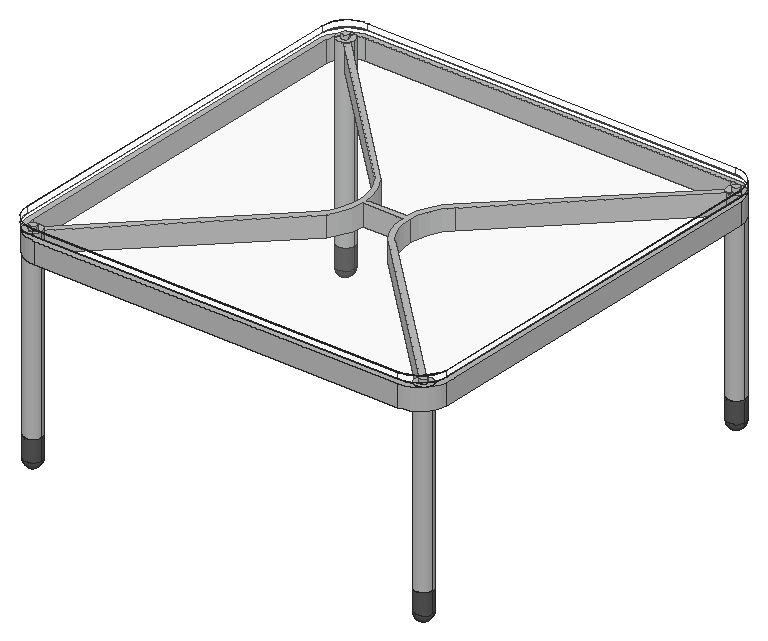
Revit family "805-30CL_Square", category Furniture, Revit 2024
Family settings
  OmniClass Number = 23.40.20.00
  OmniClass Title = General Furniture and Specialties
  Work Plane-Based = No
  Enable Cutting in Views = No
  Always vertical = Yes
  Cut with Voids When Loaded = No
  Render Appearance Source = Family Geometry
  Shared = No
  Room Calculation Point = No
Parameters
  Top Width = 2' - 6"
  Overall Height = 1' - 4"
  Metal Frame = yes
  Default Elevation = 0' - 0"
  Crossbar Height = 0' - 1.49994"
  Anklet = yes
Reference planes (in)
  plane 1 "Center Front/Back": y = 0
  plane 2: z = 0
  plane 3 "Center Left/Right": x = 0
Forms (in)
  Extrusion 1, solid, material "Powder Coat - Cement"
    sketch origin (-10, -180, 13.75) x (-1, 0, 0) y (0, -1, 0)
      loop
        line (-8.59013, -180.1875) -> (-11.41964, -180.1875)
        arc (-11.41964, -180.1875) -> (-11.6491, -181.39599) -> (-12.22026, -182.48542) r 4.18155
        line (-12.22026, -182.48542) -> (-23.98257, -194.24774)
        arc (-23.98257, -194.24774) -> (-23.52613, -194.52745) -> (-22.99977, -194.625) r 1.46875
        line (-22.99977, -194.625) -> (3.10052, -194.625)
        arc (3.10052, -194.625) -> (3.58831, -194.53508) -> (4.01198, -194.27714) r 1.368
        line (4.01198, -194.27714) -> (-7.81687, -182.41078)
        arc (-7.81687, -182.41078) -> (-8.36328, -181.35471) -> (-8.59013, -180.1875) r 4.17872
      loop
        arc (-8.59175, -179.8125) -> (-8.36811, -178.62323) -> (-7.81307, -177.54791) r 4.17872
        line (-7.81307, -177.54791) -> (4.02567, -165.70917)
        arc (4.02567, -165.70917) -> (3.61729, -165.46137) -> (3.14748, -165.375) r 1.32105
        line (3.14748, -165.375) -> (-23.11623, -165.375)
        arc (-23.11623, -165.375) -> (-23.59636, -165.46534) -> (-24.01083, -165.72401) r 1.32104
        line (-24.01083, -165.72401) -> (-12.22026, -177.51458)
        arc (-12.22026, -177.51458) -> (-11.6491, -178.60401) -> (-11.41964, -179.8125) r 4.18155
        line (-11.41964, -179.8125) -> (-8.59175, -179.8125)
      loop
        arc (-7.09627, -177.36144) -> (-7.90339, -178.58415) -> (-8.19238, -180.02045) r 3.83008
        arc (-8.19238, -180.02045) -> (-7.98027, -181.25333) -> (-7.38255, -182.35229) r 3.83388
        line (-7.38255, -182.35229) -> (4.25103, -193.98586)
        arc (4.25103, -193.98586) -> (4.52808, -193.55177) -> (4.625, -193.04601) r 1.368
        line (4.625, -193.04601) -> (4.625, -166.81636)
        arc (4.625, -166.81636) -> (4.54314, -166.35855) -> (4.30769, -165.95748) r 1.32105
        line (4.30769, -165.95748) -> (-7.09627, -177.36144)
      loop
        line (-24.61719, -166.81326) -> (-24.61719, -192.98176)
        arc (-24.61719, -192.98176) -> (-24.51605, -193.5145) -> (-24.22672, -193.97311) r 1.45372
        line (-24.22672, -193.97311) -> (-12.90373, -182.63857)
        arc (-12.90373, -182.63857) -> (-12.09662, -181.41585) -> (-11.80764, -179.97955) r 3.83007
        arc (-11.80764, -179.97955) -> (-12.01973, -178.7467) -> (-12.61741, -177.64776) r 3.83391
        line (-12.61741, -177.64776) -> (-24.3051, -165.96007)
        arc (-24.3051, -165.96007) -> (-24.53183, -166.36081) -> (-24.61719, -166.81326) r 1.4083
      loop
        line (3, -164.96406) -> (-23, -164.96406)
        arc (-23, -164.96406) -> (-24.35242, -165.48743) -> (-25.00022, -166.78485) r 2.00906
        line (-25.00022, -166.78485) -> (-25.00022, -193.14327)
        arc (-25.00022, -193.14327) -> (-24.35242, -194.44069) -> (-23, -194.96406) r 2.00906
        line (-23, -194.96406) -> (3, -194.96406)
        arc (3, -194.96406) -> (4.3507, -194.44226) -> (4.99978, -193.14791) r 2.00906
        line (4.99978, -193.14791) -> (4.99978, -166.78021)
        arc (4.99978, -166.78021) -> (4.3507, -165.48586) -> (3, -164.96406) r 2.00906
    from 0 to 1.49994 <- "Crossbar Height"
  Extrusion 2, solid, material "Glass"
    sketch origin (-0.00002, 0.0188, 15.49994) x (1, 0, 0) y (0, 1, 0)
      loop
        line (13.14726, 14.94526) -> (-13.14726, 14.94526)
        arc (-13.14726, 14.94526) -> (-14.43187, 14.42807) -> (-14.99976, 13.16505) r 1.85397
        line (-14.99976, 13.16505) -> (-14.99976, -13.20265)
        arc (-14.99976, -13.20265) -> (-14.4573, -14.51228) -> (-13.14767, -15.05474) r 1.85209
        line (-13.14767, -15.05474) -> (12.94712, -15.05474)
        arc (12.94712, -15.05474) -> (14.32857, -14.5244) -> (15.00024, -13.20587) r 2.0644
        line (15.00024, -13.20587) -> (15.00024, 13.152)
        arc (15.00024, 13.152) -> (14.43657, 14.42354) -> (13.14726, 14.94526) r 1.85397
    from 0 to 0.50006
  Sweep 3, void
    path in 3D
      loop
        arc (15.00022, 13.1708, 16) -> (14.43656, 14.44234, 16) -> (13.14724, 14.96406, 16) r 1.85397
        line (13.14724, 14.96406, 16) -> (-13.14728, 14.96406, 16)
        arc (-13.14728, 14.96406, 16) -> (-14.43189, 14.44687, 16) -> (-14.99978, 13.18385, 16) r 1.85397
        line (-14.99978, 13.18385, 16) -> (-14.99978, -13.18385, 16)
        arc (-14.99978, -13.18385, 16) -> (-14.45731, -14.49348, 16) -> (-13.14769, -15.03594, 16) r 1.85209
        line (-13.14769, -15.03594, 16) -> (12.9471, -15.03594, 16)
        arc (12.9471, -15.03594, 16) -> (14.32855, -14.5056, 16) -> (15.00022, -13.18707, 16) r 2.0644
        line (15.00022, -13.18707, 16) -> (15.00022, 13.1708, 16)
    profile origin (15.00022, -0.00813, 16) x (-1, 0, 0) y (0, 0, 1)
      loop
        line (0, 0) -> (0, -0.03142) -> (0.03142, 0) -> (0, 0)
      loop
        line (0, -0.50006) -> (0.03142, -0.50006) -> (0, -0.46864) -> (0, -0.50006)
  Extrusion 4, solid, material "Powder Coat - Cement", visible <- "Metal Frame"
    sketch origin (-7.4728, 20.63672, 0) x (1, 0, 0) y (0, 1, 0)
      loop
        circle (-6.5, -6.66452) r 0.62557
    from 2.125 to 15.24994
  Extrusion 5, solid, material "Powder Coat - Cement", visible <- "Metal Frame"
    sketch origin (-17.47227, 187.37795, 18.28119) x (-1, 0, 0) y (0, -1, 0)
      loop
        circle (-3.5, 173.40625) r 0.25
    from -3.03126 to -2.78228
  Extrusion 6, solid, material "Powder Coat - Cement", visible <- "Metal Frame"
    sketch origin (20.47175, 20.63672, 0) x (1, 0, 0) y (0, 1, 0)
      loop
        circle (-6.5, -6.66452) r 0.62557
    from 2.125 to 15.24994
  Extrusion 7, solid, material "Powder Coat - Cement", visible <- "Metal Frame"
    sketch origin (10.47227, 187.37795, 18.28119) x (-1, 0, 0) y (0, -1, 0)
      loop
        circle (-3.5, 173.40625) r 0.25
    from -3.03126 to -2.78228
  Extrusion 8, solid, material "Powder Coat - Cement", visible <- "Metal Frame"
    sketch origin (20.47175, -7.30783, 0) x (1, 0, 0) y (0, 1, 0)
      loop
        circle (-6.5, -6.66452) r 0.62557
    from 2.125 to 15.24994
  Extrusion 9, solid, material "Powder Coat - Cement", visible <- "Metal Frame"
    sketch origin (10.47227, 159.43341, 18.28119) x (-1, 0, 0) y (0, -1, 0)
      loop
        circle (-3.5, 173.40625) r 0.25
    from -3.03126 to -2.78228
  Extrusion 10, solid, material "Powder Coat - Cement", visible <- "Metal Frame"
    sketch origin (-7.4728, -7.30783, 0) x (1, 0, 0) y (0, 1, 0)
      loop
        circle (-6.5, -6.66452) r 0.62557
    from 2.125 to 15.24994
  Extrusion 11, solid, material "Powder Coat - Cement", visible <- "Metal Frame"
    sketch origin (-17.47227, 159.43341, 18.28119) x (-1, 0, 0) y (0, -1, 0)
      loop
        circle (-3.5, 173.40625) r 0.25
    from -3.03126 to -2.78228
  Revolve 12, solid, material "Plastic - Black", visible <- "Anklet"
    sketch origin (-14.10192, -13.97235, 48) x (-1, 0, 0) y (0, 0, 1)
      loop
        line (-0.12913, -47.99957) -> (-0.12913, -45.875) -> (-0.62912, -45.875) -> (-0.62912, -45.93757) -> (-0.7547, -45.93757) -> (-0.7547, -47.39729)
        arc (-0.7547, -47.39729) -> (-0.57001, -47.83148) -> (-0.12913, -47.99957) r 0.60271
      axis (-0.12913, -47.99957) -> (-0.12913, -45.875)
    angle from 0 to 360
  Revolve 13, solid, material "Plastic - Black", visible <- "Anklet"
    sketch origin (13.84262, -13.97235, 48) x (-1, 0, 0) y (0, 0, 1)
      loop
        line (-0.12913, -47.99957) -> (-0.12913, -45.875) -> (-0.62912, -45.875) -> (-0.62912, -45.93757) -> (-0.7547, -45.93757) -> (-0.7547, -47.39729)
        arc (-0.7547, -47.39729) -> (-0.57001, -47.83148) -> (-0.12913, -47.99957) r 0.60271
      axis (-0.12913, -47.99957) -> (-0.12913, -45.875)
    angle from 0 to 360
  Revolve 14, solid, material "Plastic - Black", visible <- "Anklet"
    sketch origin (13.84262, 13.9722, 48) x (-1, 0, 0) y (0, 0, 1)
      loop
        line (-0.12913, -47.99957) -> (-0.12913, -45.875) -> (-0.62912, -45.875) -> (-0.62912, -45.93757) -> (-0.7547, -45.93757) -> (-0.7547, -47.39729)
        arc (-0.7547, -47.39729) -> (-0.57001, -47.83148) -> (-0.12913, -47.99957) r 0.60271
      axis (-0.12913, -47.99957) -> (-0.12913, -45.875)
    angle from 0 to 360
  Revolve 15, solid, material "Plastic - Black", visible <- "Anklet"
    sketch origin (-14.10192, 13.9722, 48) x (-1, 0, 0) y (0, 0, 1)
      loop
        line (-0.12913, -47.99957) -> (-0.12913, -45.875) -> (-0.62912, -45.875) -> (-0.62912, -45.93757) -> (-0.7547, -45.93757) -> (-0.7547, -47.39729)
        arc (-0.7547, -47.39729) -> (-0.57001, -47.83148) -> (-0.12913, -47.99957) r 0.60271
      axis (-0.12913, -47.99957) -> (-0.12913, -45.875)
    angle from 0 to 360
Cuts and joins
  Sweep 3 cuts Extrusion 2
Lines and regions (in)
  sketch lines
    curve 1: line (15.00022, -13.18707, 16) -> (15.00022, 13.1708, 16)
    curve 2: arc (13.14724, 14.96406, 16) -> (14.43656, 14.44234, 16) -> (15.00022, 13.1708, 16) r 1.85397
    curve 3: line (13.14724, 14.96406, 16) -> (-13.14728, 14.96406, 16)
    curve 4: arc (-14.99978, 13.18385, 16) -> (-14.43189, 14.44687, 16) -> (-13.14728, 14.96406, 16) r 1.85397
    curve 5: line (-14.99978, 13.18385, 16) -> (-14.99978, -13.18385, 16)
    curve 6: arc (-13.14769, -15.03594, 16) -> (-14.45731, -14.49348, 16) -> (-14.99978, -13.18385, 16) r 1.85209
    curve 7: line (-13.14769, -15.03594, 16) -> (12.9471, -15.03594, 16)
    curve 8: arc (15.00022, -13.18707, 16) -> (14.32855, -14.5056, 16) -> (12.9471, -15.03594, 16) r 2.0644
  symbolic lines, style "Glass Top"
    curve 9: line (14.9688, 0, 15.49994) -> (-14.96874, 0, 15.49994)
    curve 10: line (-14.99978, 0, 15.53098) -> (-14.99978, 0, 15.96903)
    curve 11: line (-14.99978, 0, 15.96903) -> (-14.9688, 0, 16)
    curve 12: line (-14.9688, 0, 16) -> (14.9688, 0, 16)
    curve 13: line (14.9688, 0, 16) -> (15.00022, 0, 15.96858)
    curve 14: line (15.00022, 0, 15.96858) -> (15.00022, 0, 15.53136)
    curve 15: line (0, 14.93264, 15.49994) -> (0, -15.00452, 15.49994)
    curve 16: line (0, -15.03594, 15.53136) -> (0, -15.03594, 15.96838)
    curve 17: line (0, -15.03594, 15.96838) -> (0, -15.00432, 16)
    curve 18: line (0, -15.00432, 16) -> (0, 14.93353, 16)
    curve 19: line (0, 14.93353, 16) -> (0, 14.96406, 15.96947)
    curve 20: line (0, 14.96406, 15.96947) -> (0, 14.96406, 15.53136)
    curve 21: line (15.00022, 0, 15.53136) -> (14.9688, 0, 15.49994)
    curve 22: line (-14.99978, 0, 15.53098) -> (-14.96874, 0, 15.49994)
    curve 23: line (0, -15.03594, 15.53136) -> (0, -15.00452, 15.49994)
    curve 24: line (0, 14.96406, 15.53136) -> (0, 14.93264, 15.49994)
Dimensions and locks (in)
  aligned and locked: level to plane 2
